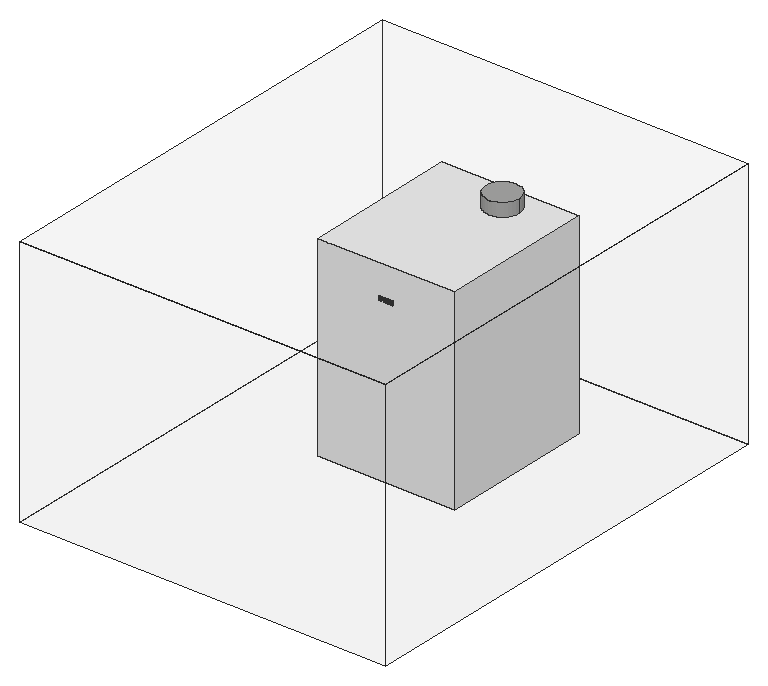
Revit family "Sirius_two_FS_50kW_LOD-3", category Mechanical Equipment, Revit 2014
Parameters (values of type "50kW")
  Weekly = "0"
  Water Treatment Required = yes
  Water Content = 2.81 L
  Warranty ID = ""
  Voltage = 230 V
  Uniclass2015 = "Pr_60_60_08"
  URL = ""
  Type = ""
  Turndown Ratio = "9:1"
  Supply Phase = 1
  Starting Current = 0 A
  Sound Pressure Level = "61 dBA"
  Shipping Weight = 73.00 kg
  Shape = "Rectangular (Vertical)"
  Safety Valve Connection Type = "Threaded"
  Safety Valve Connection Size = 12.7 mm
  Responsible Sourcing of Materials = "0"
  Responsible Extraction of Materials = "0"
  Reference Standard = "ISO 9001; ISO 14001"
  Rated Output = 45000 W
  Rated Criteria = "80/60"
  Quarterly = "0"
  Product Range = "Sirius two FS (50kW)"
  Product Model Number = "5142180"
  Product Literature = "ww.pottertoncommercial.co.uk/products/stainless-steel/sirius-two-fs-50-110kW.htm"
  Primary Fuel = "Gas - NG"
  Overall Width = 600 mm
  Overall Length = 681 mm
  Overall Height = 848 mm
  Optional Fuel = "Gas - LPG"
  Operation and Maintenance Manual = "http://www.pottertoncommercial.co.uk/products/stainless-steel/sirius-two-fs-50-110kW.htm"
  Oil Consumption rate = 0
  Nominal Oil Inlet Pressure = 0.000 bar
  Nominal Gas Inlet Pressure = 0.020 bar
  NOx Emissions = "27 mg/kWh"
  Mounting = "Floor Standing"
  Monthly = "0"
  Model = "SIRIUS two FS50"  # constant formula
  Minimum Power Consumption = 24 W
  Minimum Operating Pressure = 1.000 bar
  Minimum Oil Inlet Pressure = 0.000 bar
  Minimum Gas Inlet Pressure = 0.018 bar
  Minimum Flow Rate at 20C temperature differential = 0.540 L/s
  Minimum Flow Rate at 11C temperature differential = 0.720 L/s
  Maximum Power Consumption = 100 W
  Maximum Operating Pressure = 4.000 bar
  Maximum Oil Inlet Pressure = 0.000 bar
  Maximum Gas Inlet Pressure = 0.000 bar
  Material Ingredient Reporting = "0"
  Manufacturer Website = "http://www.pottertoncommercial.co.uk/index.htm"
  Manufacturer = "Potterton Commercial"  # constant formula
  Maintenance Required 8001 to 12000hrs = "0"
  Maintenance Required 601 to 1000hrs = "0"
  Maintenance Required 4001 to 8000hrs = "0"
  Maintenance Required 301 to 600hrs = "0"
  Maintenance Required 2001 to 4000hrs = "0"
  Maintenance Required 1001 to 2000hrs = "0"
  Maintenance Required 0 to 300hrs = "0"
  Location of Manufacturer = "0"
  Life Cycle Analysis = "0"
  Interlocks = yes
  IfcExportType = "NOTDEFINED"  # constant formula
  IfcExportAs = "IfcBoilerType"  # constant formula
  IP Rating = "IP21"
  IK Rating = "0"
  Hydraulic Resistance at 20C temperature differential = 0.054 bar
  Hydraulic Resistance at 11C temperature differential = 0.094 bar
  Heater Operation = "Condensing"
  Heat Exchanger Material = "Stainless Steel"
  Gross Weight = 60.00 kg
  Green Guide for Specification = "0"
  Gas Consumption rate = "4.90 (maximium rate) m3/h"
  Fuse Rating = 0 A
  Full Load Current = 0 A
  Fuel Connection Type = "Threaded"
  Fuel Connection Size = 483.87 mm
  Frequency = 50 Hz
  Flue or Air Intake Classification = "C13; C33; B23; B23p; C43; C53; C63; C83"
  Flue Connection size = 80 mm
  Flow and Return Connection Type = "Threaded"
  Flow and Return Connection Size = 645.16 mm
  Finish = "Powder coated"
  Features = "Floor standing boiler, stainless steel heat exchanger, 9:1 modulation"
  External Material = "Steel"
  Expected Life = ">10 years"
  ErP Seasonal Efficiency = "93 %"
  ErP Rated Efficiency at Part Load = "97.7 %"
  ErP Rated Efficiency at Full Load = "87.7 %"
  ErP Energy Label = "A"
  Environmental Product Declaration = "0"
  Energy Technology List = "https://etl.decc.gov.uk/engetl/fox/live/ETL_PUBLIC_PRODUCT_SEARCH/product?PROD_ID=74554"
  Embodied Carbon = "0"
  Drain Connection Type = "Plain"
  Drain Connection Size = 0 mm
  Description = ""
  Daily = "0"
  Control Type = "Optimised, modulating, weather compensating, BMS compatible"
  Configuration = "Single boiler"
  Condensate Drain Type = "Plain"
  Condensate Drain Size = 22 mm
  Colour = "White"
  Clearance Box Visibility [instance] = yes
  CE Mark = "CE-0085CP0089"
  Burner Control Type = "Modulating"
  Building Regulations Seasonal Efficiency = "96.6 %"
  Bespoke Timeframe = "0"
  BMS Links = yes
  Annually = "Annual service according to manufacturers guidance."
  Air Inlet Connection Size = 125 mm
  Additional Technical Details = "Cascade kits available for up to 6 boilers"
  Access Clearance Top = 250 mm
  Access Clearance Right = 500 mm
  Access Clearance Rear = 320 mm
  Access Clearance Left = 500 mm
  Access Clearance Front = 1000 mm
  Access Clearance Bottom = 0 mm
  6 Monthly = "0"
Reference planes
  plane 1 "Center (Front/Back)": y = 0
  plane 2: z = 0
  plane 3 "Center (Left/Right)": x = 0
Forms (mm)
  Extrusion 1, solid, material "Potterton Sirius WH - Cover"
    sketch origin (0, -20, 0) x (1, 0, 0) y (0, 1, 0)
      loop
        line (-300, 20) -> (-300, -661) -> (300, -661) -> (300, 20) -> (-300, 20)
    from 0 to 853
  Extrusion 2, solid, material "Potterton Sirius FS - Logo"
    sketch origin (-369.668, -681, 620.982) x (1, 0, 0) y (0, 0, 1)
      loop
        arc (342.971, 100.811) -> (344.366, 99.416) -> (342.971, 98.02) r 1.395
        line (342.971, 98.02) -> (339.501, 98.02) -> (339.501, 93.964) -> (341.208, 93.964) -> (341.208, 96.293) -> (342.971, 96.293)
        arc (342.971, 96.293) -> (344.738, 96.848) -> (345.87, 98.315) r 3.088
        arc (345.87, 98.315) -> (351.536, 94.006) -> (353.627, 100.811) r 4.341
        line (353.627, 100.811) -> (355.933, 100.811) -> (355.933, 93.964) -> (357.701, 93.964) -> (357.701, 100.811) -> (361.06, 100.811) -> (361.06, 93.964) -> (362.813, 93.964) -> (362.813, 100.811) -> (366.054, 100.811) -> (366.054, 93.964) -> (372.032, 93.964) -> (372.032, 95.63) -> (367.807, 95.63) -> (367.807, 97.433) -> (371.262, 97.433)
        arc (371.262, 97.433) -> (372.08, 98.251) -> (371.262, 99.069) r 0.818
        line (371.262, 99.069) -> (367.807, 99.069) -> (367.807, 100.811) -> (375.58, 100.811)
        arc (375.58, 100.811) -> (376.451, 99.94) -> (375.58, 99.069) r 0.871
        line (375.58, 99.069) -> (373.302, 99.069)
        arc (373.302, 99.069) -> (372.52, 98.49) -> (372.845, 97.573) r 0.818
        line (372.845, 97.573) -> (381.32, 91.867)
        arc (381.32, 91.867) -> (382.144, 91.832) -> (382.566, 92.541) r 0.805
        line (382.566, 92.541) -> (382.566, 100.811) -> (385.072, 100.811)
        arc (385.072, 100.811) -> (386.619, 94.222) -> (392.72, 97.151) r 4.341
        line (392.72, 97.151) -> (392.72, 93.964) -> (394.487, 93.964) -> (394.487, 99.069) -> (398.739, 94.236)
        arc (398.739, 94.236) -> (399.755, 93.983) -> (400.351, 94.844) r 0.921
        line (400.351, 94.844) -> (400.351, 101.682)
        arc (400.351, 101.682) -> (399.452, 102.581) -> (398.554, 101.682) r 0.899
        line (398.554, 101.682) -> (398.554, 97.165) -> (394.162, 102.301)
        arc (394.162, 102.301) -> (393.255, 102.537) -> (392.72, 101.768) r 0.819
        line (392.72, 101.768) -> (392.72, 99.124)
        arc (392.72, 99.124) -> (391.302, 101.447) -> (388.78, 102.469) r 4.341
        line (388.78, 102.469) -> (379.034, 102.469)
        arc (379.034, 102.469) -> (378.205, 101.64) -> (379.034, 100.811) r 0.829
        line (379.034, 100.811) -> (380.772, 100.811) -> (380.772, 94.179) -> (375.58, 97.707)
        arc (375.58, 97.707) -> (377.961, 100.088) -> (375.58, 102.469) r 2.381
        line (375.58, 102.469) -> (353.905, 102.469)
        arc (353.905, 102.469) -> (353.223, 102.111) -> (353.129, 101.347) r 0.829
        arc (353.129, 101.347) -> (349.064, 102.325) -> (346.059, 99.418) r 4.341
        arc (346.059, 99.418) -> (345.142, 101.577) -> (342.971, 102.469) r 3.088
        line (342.971, 102.469) -> (339.417, 102.469)
        arc (339.417, 102.469) -> (338.587, 101.64) -> (339.417, 100.811) r 0.829
        line (339.417, 100.811) -> (342.971, 100.811)
      loop
        line (384.051, 92.773) -> (384.051, 91.973) -> (400.157, 91.973) -> (400.157, 92.773) -> (384.051, 92.773)
      loop
        line (339.501, 92.773) -> (339.501, 91.973) -> (378.488, 91.973) -> (378.488, 92.773) -> (339.501, 92.773)
      loop
        arc (340.058, 88.937) -> (338.522, 87.401) -> (340.058, 85.864) r 1.537
        line (340.058, 85.864) -> (399.258, 85.864)
        arc (399.258, 85.864) -> (400.795, 87.401) -> (399.258, 88.937) r 1.537
        line (399.258, 88.937) -> (340.058, 88.937)
      loop
        circle (350.207, 98.138) r 2.591
      loop
        circle (342.971, 99.416) r 0.875
      loop
        circle (388.493, 98.138) r 2.591
    from 0 to 2
  Sweep 3, solid
    path origin (0, 0, -99) x (1, 0, 0) y (0, 0, 1)
      loop
        line (0, 952) -> (0, 1007.972)
    profile origin (0, 0, 880.986) x (-1, 0, 0) y (0, -1, 0)
      loop
        circle (-54.5, 112) r 73.5
  Sweep 4, solid
    path origin (0, 0, 0) x (0, 1, 0) y (0, 0, 1)
      loop
        line (0, 0) -> (19, 0)
    profile origin (0, 9.5, 0) x (0, 0, 1) y (1, 0, 0)
      loop
        circle (376, 202) r 12.7
      loop
        circle (276, 202) r 12.7
      loop
        circle (216, 202) r 9
      loop
        circle (591, -127) r 9.525
  Extrusion 5, solid, material "Glass - Clear - Amber", visible <- "Clearance Box Visibility"
    sketch origin (38.667, 136.16, 0) x (1, 0, 0) y (0, 1, 0)
      loop
        line (-838.667, 163.84) -> (-838.667, -1817.16) -> (761.333, -1817.16) -> (761.333, 163.84) -> (-838.667, 163.84)
    from 0 to 1103
Dimensions and locks
  Sweep 3 sketch curve to profile plane = 112 mm
  aligned and locked: level to plane 2
  aligned and locked: plane 1 "Center (Front/Back)" to Sweep 4 sketch curve
  aligned and locked: Sweep 4 sketch curve to level
  aligned and locked: Extrusion 1 to plane 1 "Center (Front/Back)"
Connectors
  hvac at (54.5, -112, 908.972)
    settings: on Sweep 3, index 6, duct flow 0.0 m³/h, flow factor 0, pres drop 0.000 bar, loss coef 0, conn angle 0.00°, conn width 304.8 mm, conn height 304.8 mm, conn diameter 125 mm, duct sys type 3, conn prof type 0, flow config 1, flow direction 2, loss method 0, conn ref index -1, conn util no, is conn primary yes, conn desc "Flue"
  piping at (-127, 19, 591), diameter 19.1
    settings: on Sweep 4, index 7, connector inside diameter 609.6 mm, connector length 0 mm, flow factor 0, pipe flow 0.000 L/s, pressure drop 0.000 bar, fitting loss kfactor 0, connector angle 0.00°, fixture units 0, engagement length 0 mm, angle of deflection 0.00°, flow configuration 1, flow direction 1, fitting loss method 0, system type 22, joint type 0, gender type 0, connector reference index -1, connector utility 0, adjustable connector no, is connector primary no, connector description "Gas"
  piping at (202, 19, 376), diameter 25.4
    settings: on Sweep 4, index 8, connector inside diameter 609.6 mm, connector length 0 mm, flow factor 0, pipe flow 0.000 L/s, pressure drop 0.000 bar, fitting loss kfactor 0, connector angle 0.00°, fixture units 0, engagement length 0 mm, angle of deflection 0.00°, flow configuration 0, flow direction 1, fitting loss method 0, system type 8, joint type 0, gender type 0, connector reference index -1, connector utility 0, adjustable connector no, is connector primary no, connector description "Return"
  piping at (202, 19, 276), diameter 25.4
    settings: on Sweep 4, index 9, connector inside diameter 609.6 mm, connector length 0 mm, flow factor 0, pipe flow 0.000 L/s, pressure drop 0.000 bar, fitting loss kfactor 0, connector angle 0.00°, fixture units 0, engagement length 0 mm, angle of deflection 0.00°, flow configuration 1, flow direction 2, fitting loss method 0, system type 7, joint type 0, gender type 0, connector reference index -1, connector utility 0, adjustable connector no, is connector primary yes, connector description "Flow"
  piping at (202, 19, 216), diameter 18
    settings: on Sweep 4, index 10, connector inside diameter 609.6 mm, connector length 0 mm, flow factor 0, pipe flow 0.000 L/s, pressure drop 0.000 bar, fitting loss kfactor 0, connector angle 0.00°, fixture units 0, engagement length 0 mm, angle of deflection 0.00°, flow configuration 1, flow direction 2, fitting loss method 0, system type 22, joint type 0, gender type 0, connector reference index -1, connector utility 0, adjustable connector no, is connector primary no, connector description "Drain"
